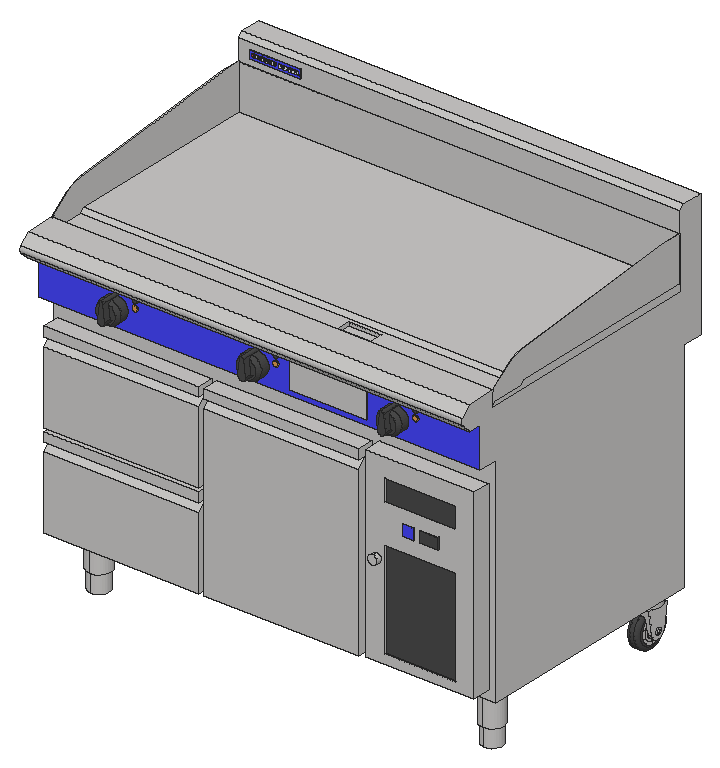
Revit family "QF_MOFFAT_BLUESEAL_CE_EP518-RB", category Specialty Equipment, Revit 2012
Parameters
  Weight in Pounds = 396  # constant formula
  Watts = 18000 W
  Volts = 400 V
  URL Cutsheet = "www.moffat.com"
  URL = "www.moffat.com"
  Type Mark [instance] = ""
  Status [instance] = ""
  Specification by User [instance] = ""
  Specification by Manufacturer = ""
  Show Logo [instance] = yes
  Show Clearance [instance] = yes
  Show Casters [instance] = yes
  Serial Number = ""
  Seismic Rating = ""
  SMACNA No = ""
  Revision Code [instance] = ""
  Refrigerant Type = "R134a"
  Phase = 3
  Omniclass Number and Title = ""
  Number of Poles = 1
  NAFEM Spec ID Number = ""
  Model = "EP518-RB"
  Min Ckt Ampacity = 0 A
  Max Overcurrent Protection = 0 A
  Masterspec = ""
  Manufacturer = "MOFFAT BLUESEAL"
  Legs [instance] = not(Show Casters)  # no
  Item Number [instance] = ""
  Installed By [instance] = ""
  Identify Quantity as Lot [instance] = yes
  HP = ""
  Furnished By [instance] = ""
  Foodservice Equipment Identifier [instance] = yes
  FL Amps = 25 A
  Electrical Remarks [instance] = "25A PER PHASE"
  Elec Conn RI Height = 0.0 mm
  Elec Conn Connection Height = 0.0 mm
  Description = "1200MM ELECTRIC GRIDDLE PLATE ON REFRIGERATED BASE"
  Cycle = 50 Hz
  Conn Plug = ""
  Conn Conduit = yes
  CSI MasterFormat = ""
  CSI Master Format = ""
  Body Height [instance] = 915.0 mm
  Base Height [instance] = 150.0 mm
  Apparent Power = if(Phase = 3, Volts * FL Amps * 1.73, Volts * FL Amps)  # 17300 VA
Reference planes
  plane 1 "BACK": y = 0
  plane 2: z = 0
  plane 3 "LEFT": x = 0
  plane 4 "RIGHT": x = 1200
  plane 5 "FRONT": y = -812
  plane 6 "TOP": z = 970
  plane 7 "Center Y": x = 600
  plane 8 "Center X": y = -406
  plane 9 "Base Height": z = 150
  plane 10: x = 1134
  plane 11: x = 65
  plane 12: z = 915
  plane 13: x = 1181
  plane 14: x = 973
  plane 15: y = -625
  plane 16: y = -100
  plane 17: z = 1085
Forms (mm)
  Extrusion 1, solid, material "QF_Finishes_Stainless Steel"
    sketch origin (0, 0, 0) x (0, 1, 0) y (0, 0, 1)
      loop
        line (0, 740) -> (0, 1085) -> (-57.5, 1085) -> (-70, 1072.5) -> (-70, 875) -> (-705, 875) -> (-705, 915) -> (-783.97, 915) -> (-808.485, 890.485)
        arc (-808.485, 890.485) -> (-811.999, 882) -> (-808.485, 873.515) r 12
        line (-808.485, 873.515) -> (-784.97, 850) -> (-749, 850) -> (-749, 740) -> (-697, 740) -> (-697, 150) -> (-57, 150) -> (-57, 740) -> (0, 740)
    from 0 to 1200
  Extrusion 2, solid, material "QF_Finishes_Stainless Steel"
    sketch origin (705, 3, 100) x (1, 0, 0) y (0, 1, 0)
      loop
        circle (365, -35) r 13.5
    from 555 to 640
  Revolve 3, solid, material "QF_Finishes_Stainless Steel"
    sketch origin (65, -735, 0) x (0, 1, 0) y (0, 0, 1)
      loop
        line (78.25, 150) -> (78.25, 50) -> (82.5, 50) -> (82.5, 0) -> (110, 0) -> (110, 150) -> (78.25, 150)
      axis (110, 150) -> (110, 0)
    angle from 0 to 360
  Revolve 4, solid, material "QF_Finishes_Stainless Steel"
    sketch origin (1134, -735, 0) x (0, 1, 0) y (0, 0, -1)
      loop
        line (78.25, -150) -> (110, -150) -> (110, 0) -> (82.5, 0) -> (82.5, -50) -> (78.25, -50) -> (78.25, -150)
      axis (110, -150) -> (110, 0)
    angle from 0 to 360
  Extrusion 5, solid, material "QF_Finishes_Stainless Steel"
    sketch origin (0, 0, 0) x (0, 1, 0) y (0, 0, 1)
      loop
        line (-754, 678) -> (-754, 653) -> (-709.18, 653) -> (-709.18, 678) -> (-754, 678)
      loop
        line (-754, 421) -> (-754, 396) -> (-709.18, 396) -> (-709.18, 421) -> (-754, 421)
    from 19 to 439
  Extrusion 6, solid, material "QF_Finishes_Stainless Steel"
    sketch origin (0, -697, 222.5) x (0, 0, -1) y (1, 0, 0)
      loop
        line (-455.5, 1181) -> (-455.5, 887) -> (48.5, 887) -> (48.5, 1181) -> (-455.5, 1181)
      loop
        line (23.5, 1131) -> (-241.5, 1131) -> (-241.5, 937) -> (23.5, 937) -> (23.5, 1131)
      loop
        line (-405.5, 1131) -> (-405.5, 937) -> (-345.5, 937) -> (-345.5, 1131) -> (-405.5, 1131)
    from 0 to 48
  Extrusion 7, solid, material "QF_Finishes_Black"
    sketch origin (0, -745, 222.5) x (0, 0, -1) y (1, 0, 0)
      loop
        line (-311.04, 1035.003) -> (-281.04, 1035.003) -> (-281.04, 1083.315) -> (-311.04, 1083.315) -> (-311.04, 1035.003)
    from 0 to 2
  Extrusion 8, solid, material "QF_Finishes_Stainless Steel"
    sketch origin (0, -745, 222.5) x (0, 0, -1) y (1, 0, 0)
      loop
        circle (-202.271, 914.856) r 12.395
    from 0 to 12.7
  Extrusion 9, solid, material "QF_Finishes_Vents"
    sketch origin (0, -697, 222.5) x (0, 0, 1) y (1, 0, 0)
      loop
        line (345.5, 937) -> (405.5, 937) -> (405.5, 1131) -> (345.5, 1131) -> (345.5, 937)
      loop
        line (241.5, 937) -> (241.5, 1131) -> (-23.5, 1131) -> (-23.5, 937) -> (241.5, 937)
    from 0 to -44.529
  Extrusion 10, solid, material "QF_Door-Drawer Clearances", visible <- "Show Clearance", detail levels coarse
    sketch origin (0, -747, 174) x (0, 0, 1) y (-1, 0, 0)
      loop
        line (0, -19) -> (0, -439) -> (247, -439) -> (247, -19) -> (0, -19)
      loop
        line (257, -19) -> (257, -439) -> (504, -439) -> (504, -19) -> (257, -19)
    from 0 to 304.8
  Extrusion 11, solid, material "QF_Finishes_Stainless Steel"
    sketch origin (0, 0, 0) x (0, 1, 0) y (0, 0, 1)
      loop
        line (-709.18, 174) -> (-709.18, 650.613) -> (-731.387, 650.613) -> (-754, 628) -> (-754, 174) -> (-709.18, 174)
    from 453 to 873
  Extrusion 12, solid, material "QF_Door-Drawer Clearances", visible <- "Show Clearance", detail levels coarse
    sketch origin (0, -754, 174) x (1, 0, 0) y (0, -1, 0)
      loop
        line (453, 0) -> (873, 0) -> (873, 420)
        arc (873, 420) -> (576.015, 296.985) -> (453, 0) r 420
    from 0 to -504
  Extrusion 13, solid, material "QF_Finishes_Stainless Steel"
    sketch origin (0, -57, 735) x (0, 0, 1) y (1, 0, 0)
      loop
        circle (-315, 920) r 6.35
    from 0 to 1.6
  Extrusion 14, solid, material "QF_Finishes_Stainless Steel"
    sketch origin (0, 0, 0) x (0, 1, 0) y (0, 0, 1)
      loop
        line (-754, 431) -> (-709.18, 431) -> (-709.18, 650.613) -> (-731.387, 650.613) -> (-754, 628) -> (-754, 431)
      loop
        line (-754, 174) -> (-709.18, 174) -> (-709.18, 393.613) -> (-731.387, 393.613) -> (-754, 371) -> (-754, 174)
    from 19 to 439
  Extrusion 15, solid, material "QF_Finishes_Stainless Steel"
    sketch origin (0, 0, 0) x (0, 1, 0) y (0, 0, 1)
      loop
        line (-709.18, 653) -> (-709.18, 678) -> (-754, 678) -> (-754, 653) -> (-709.18, 653)
    from 453 to 873
  Revolve 16, solid, material "QF_Finishes_Stainless Steel", visible <- "Legs"
    sketch origin (65.5, -166, 0) x (0, 1, 0) y (0, 0, 1)
      loop
        line (34.25, 150) -> (34.25, 50) -> (38.5, 50) -> (38.5, 0) -> (66, 0) -> (66, 150) -> (34.25, 150)
      axis (66, 150) -> (66, 0)
    angle from 0 to 360
  Revolve 17, solid, material "QF_Finishes_Stainless Steel", visible <- "Show Casters"
    sketch origin (16.276, -100.755, -12.8) x (1, 0, 0) y (0, 0, 1)
      loop
        line (14.841, 63.604) -> (83.584, 63.604) -> (83.584, 67.109) -> (82.314, 68.379) -> (80.79, 68.379) -> (80.79, 71.826) -> (68.644, 71.826) -> (68.644, 81.79) -> (65.088, 83.843) -> (63.738, 92.179) -> (65.881, 92.179) -> (65.881, 98.529) -> (65.088, 98.529) -> (65.088, 104.879)
        arc (65.088, 104.879) -> (62.298, 111.614) -> (55.563, 114.404) r 9.525
        line (55.563, 114.404) -> (42.863, 114.404)
        arc (42.863, 114.404) -> (36.127, 111.614) -> (33.338, 104.879) r 9.525
        line (33.338, 104.879) -> (33.338, 98.529) -> (32.544, 98.529) -> (32.544, 92.179) -> (34.687, 92.179) -> (33.352, 83.932) -> (29.782, 81.871) -> (29.782, 71.826) -> (17.635, 71.826) -> (17.635, 68.379) -> (16.111, 68.379) -> (14.841, 67.109) -> (14.841, 63.604)
      axis (14.841, 63.604) -> (83.584, 63.604)
    angle from 0 to 360
  Extrusion 18, solid, material "QF_Finishes_Stainless Steel", visible <- "Show Casters"
    sketch origin (72.001, 132.353, -8.783) x (0, 1, 0) y (0, 0, 1)
      loop
        line (-200.603, 118.783) -> (-264.103, 118.783) -> (-251.746, 53.895)
        arc (-251.746, 53.895) -> (-232.353, 38.783) -> (-212.959, 53.895) r 20
        line (-212.959, 53.895) -> (-200.603, 118.783)
    from -35.667 to 22.923
  Revolve 19, solid, material "QF_Finishes_Stainless Steel", visible <- "Show Casters"
    sketch origin (65.5, -204, 0) x (0, 1, 0) y (0, 0, 1)
      loop
        line (68.25, 150) -> (68.25, 110) -> (104, 110) -> (104, 150) -> (68.25, 150)
      axis (104, 150) -> (104, 110)
    angle from 0 to 360
  Revolve 20, solid, material "QF_Finishes_Stainless Steel", visible <- "Legs"
    sketch origin (65.5, -166, 0) x (0, 1, 0) y (0, 0, 1)
      loop
        line (34.25, 150) -> (34.25, 50) -> (38.5, 50) -> (38.5, 0) -> (66, 0) -> (66, 150) -> (34.25, 150)
      axis (66, 150) -> (66, 0)
    angle from 0 to 360
  Revolve 21, solid, material "QF_Finishes_Stainless Steel", visible <- "Legs"
    sketch origin (1134.5, -166, 0) x (0, 1, 0) y (0, 0, -1)
      loop
        line (34.25, -150) -> (66, -150) -> (66, 0) -> (38.5, 0) -> (38.5, -50) -> (34.25, -50) -> (34.25, -150)
      axis (66, -150) -> (66, 0)
    angle from 0 to 360
  Revolve 22, solid, material "QF_Finishes_Stainless Steel", visible <- "Show Casters"
    sketch origin (1183.724, -100.755, -12.8) x (-1, 0, 0) y (0, 0, -1)
      loop
        line (14.841, -63.604) -> (14.841, -67.109) -> (16.111, -68.379) -> (17.635, -68.379) -> (17.635, -71.826) -> (29.782, -71.826) -> (29.782, -81.871) -> (33.352, -83.932) -> (34.687, -92.179) -> (32.544, -92.179) -> (32.544, -98.529) -> (33.338, -98.529) -> (33.338, -104.879)
        arc (33.338, -104.879) -> (36.127, -111.614) -> (42.863, -114.404) r 9.525
        line (42.863, -114.404) -> (55.563, -114.404)
        arc (55.563, -114.404) -> (62.298, -111.614) -> (65.088, -104.879) r 9.525
        line (65.088, -104.879) -> (65.088, -98.529) -> (65.881, -98.529) -> (65.881, -92.179) -> (63.738, -92.179) -> (65.088, -83.843) -> (68.644, -81.79) -> (68.644, -71.826) -> (80.79, -71.826) -> (80.79, -68.379) -> (82.314, -68.379) -> (83.584, -67.109) -> (83.584, -63.604) -> (14.841, -63.604)
      axis (14.841, -63.604) -> (83.584, -63.604)
    angle from 0 to 360
  Extrusion 23, solid, material "QF_Finishes_Stainless Steel", visible <- "Show Casters"
    sketch origin (1127.999, 132.353, -8.783) x (0, 1, 0) y (0, 0, -1)
      loop
        line (-200.603, -118.783) -> (-212.959, -53.895)
        arc (-212.959, -53.895) -> (-232.353, -38.783) -> (-251.746, -53.895) r 20
        line (-251.746, -53.895) -> (-264.103, -118.783) -> (-200.603, -118.783)
    from -35.667 to 22.923
  Revolve 24, solid, material "QF_Finishes_Stainless Steel", visible <- "Show Casters"
    sketch origin (1134.5, -204, 0) x (0, 1, 0) y (0, 0, -1)
      loop
        line (68.25, -150) -> (104, -150) -> (104, -110) -> (68.25, -110) -> (68.25, -150)
      axis (104, -150) -> (104, -110)
    angle from 0 to 360
  Revolve 25, solid, material "QF_Finishes_Stainless Steel", visible <- "Legs"
    sketch origin (1134.5, -166, 0) x (0, 1, 0) y (0, 0, -1)
      loop
        line (34.25, -150) -> (66, -150) -> (66, 0) -> (38.5, 0) -> (38.5, -50) -> (34.25, -50) -> (34.25, -150)
      axis (66, -150) -> (66, 0)
    angle from 0 to 360
  Revolve 26, solid, material "QF_Finishes_Black"
    sketch origin (217.5, 7, 757.8) x (0, 1, 0) y (0, 0, -1)
      loop
        line (-789, -69.5) -> (-766, -69.5) -> (-766, -42) -> (-756, -42) -> (-756, -37) -> (-800, -37) -> (-800, -63.651) -> (-789, -69.5)
      axis (-800, -37) -> (-756, -37)
    angle from 0 to 360
  Extrusion 27, solid, material "QF_Finishes_Black"
    sketch origin (355.77, 0, 757.958) x (-1, 0, 0) y (0, 0, -1)
      loop
        line (127.85, -26.064) -> (133.27, -68.983)
        arc (133.27, -68.983) -> (138.269, -73.87) -> (143.267, -68.983) r 5
        line (143.267, -68.983) -> (148.756, -24.898)
        arc (148.756, -24.898) -> (137.684, -14.399) -> (127.85, -26.064) r 10.487
    from 759 to 808
  Revolve 28, solid, material "QF_Finishes_Black"
    sketch origin (600, 7, 757.8) x (0, 1, 0) y (0, 0, -1)
      loop
        line (-789, -69.5) -> (-766, -69.5) -> (-766, -42) -> (-756, -42) -> (-756, -37) -> (-800, -37) -> (-800, -63.651) -> (-789, -69.5)
      axis (-800, -37) -> (-756, -37)
    angle from 0 to 360
  Extrusion 29, solid, material "QF_Finishes_Black"
    sketch origin (738.27, 0, 757.958) x (-1, 0, 0) y (0, 0, -1)
      loop
        line (127.85, -26.064) -> (133.27, -68.983)
        arc (133.27, -68.983) -> (138.269, -73.87) -> (143.267, -68.983) r 5
        line (143.267, -68.983) -> (148.756, -24.898)
        arc (148.756, -24.898) -> (137.684, -14.399) -> (127.85, -26.064) r 10.487
    from 759 to 808
  Extrusion 30, solid, material "QF_Finishes_Orange"
    sketch origin (0, -749, 850) x (0, 0, -1) y (1, 0, 0)
      loop
        circle (45.2, 1025.121) r 7.15
      loop
        circle (45.2, 645.005) r 7.15
      loop
        circle (45.2, 262.505) r 7.15
    from 0 to 1
  Revolve 31, solid, material "QF_Finishes_Black"
    sketch origin (980.116, 7, 757.8) x (0, 1, 0) y (0, 0, -1)
      loop
        line (-789, -69.5) -> (-766, -69.5) -> (-766, -42) -> (-756, -42) -> (-756, -37) -> (-800, -37) -> (-800, -63.651) -> (-789, -69.5)
      axis (-800, -37) -> (-756, -37)
    angle from 0 to 360
  Extrusion 32, solid, material "QF_Finishes_Black"
    sketch origin (1118.385, 0, 757.958) x (-1, 0, 0) y (0, 0, -1)
      loop
        line (127.85, -26.064) -> (133.27, -68.983)
        arc (133.27, -68.983) -> (138.269, -73.87) -> (143.267, -68.983) r 5
        line (143.267, -68.983) -> (148.756, -24.898)
        arc (148.756, -24.898) -> (137.684, -14.399) -> (127.85, -26.064) r 10.487
    from 759 to 808
  Extrusion 33, solid, material "QF_Finishes_Black"
    sketch origin (0, -749, 850) x (0, 0, -1) y (1, 0, 0)
      loop
        circle (25.2, 1025.121) r 7.15
      loop
        circle (25.2, 645.005) r 7.15
      loop
        circle (25.2, 262.505) r 7.15
    from 0 to 1
  Extrusion 34, solid, material "QF_Finishes_Stainless Steel"
    sketch origin (0, -749, 850) x (0, 0, -1) y (1, 0, 0)
      loop
        line (9.201, 893) -> (9.201, 683) -> (96.1, 683) -> (96.1, 893) -> (9.201, 893)
    from 0 to 1
  Extrusion 35, solid, material "QF_Finishes_Black"
    sketch origin (0, -750, 850) x (0, 0, -1) y (1, 0, 0)
      loop
        line (9.201, 893) -> (9.201, 683) -> (14.201, 683) -> (14.201, 893) -> (9.201, 893)
    from 0 to 10
  Extrusion 36, solid, material "QF_Finishes_Blue"
    sketch origin (0, -745, 222.5) x (0, 0, -1) y (1, 0, 0)
      loop
        line (-311.04, 987.426) -> (-281.04, 987.426) -> (-281.04, 1017.426) -> (-311.04, 1017.426) -> (-311.04, 987.426)
    from 0 to 2
Lines and regions (mm)
  Split face 1
    outline origin (0, -22, 1085) x (0, 1, 0) y (-1, 0, 0)
      loop
        arc (-23.385, -1164.794) -> (-18.385, -1173.455) -> (-8.385, -1173.455) r 10
        line (-8.385, -1173.455) -> (-1.385, -1169.413)
        arc (-1.385, -1169.413) -> (2.275, -1165.753) -> (3.615, -1160.753) r 10
        line (3.615, -1160.753) -> (3.615, -932.794)
        arc (3.615, -932.794) -> (-1.385, -924.134) -> (-11.385, -924.134) r 10
        line (-11.385, -924.134) -> (-18.385, -928.176)
        arc (-18.385, -928.176) -> (-22.045, -931.836) -> (-23.385, -936.836) r 10
        line (-23.385, -936.836) -> (-23.385, -1164.794)
  Split face 2
    outline origin (0, -22, 1085) x (0, 1, 0) y (-1, 0, 0)
      loop
        arc (-23.385, -864.794) -> (-18.385, -873.455) -> (-8.385, -873.455) r 10
        line (-8.385, -873.455) -> (-1.385, -869.413)
        arc (-1.385, -869.413) -> (2.275, -865.753) -> (3.615, -860.753) r 10
        line (3.615, -860.753) -> (3.615, -632.794)
        arc (3.615, -632.794) -> (-1.385, -624.134) -> (-11.385, -624.134) r 10
        line (-11.385, -624.134) -> (-18.385, -628.176)
        arc (-18.385, -628.176) -> (-22.045, -631.836) -> (-23.385, -636.836) r 10
        line (-23.385, -636.836) -> (-23.385, -864.794)
  Split face 3
    outline origin (0, -22, 1085) x (0, 1, 0) y (-1, 0, 0)
      loop
        arc (-23.385, -564.794) -> (-18.385, -573.455) -> (-8.385, -573.455) r 10
        line (-8.385, -573.455) -> (-1.385, -569.413)
        arc (-1.385, -569.413) -> (2.275, -565.753) -> (3.615, -560.753) r 10
        line (3.615, -560.753) -> (3.615, -332.794)
        arc (3.615, -332.794) -> (-1.385, -324.134) -> (-11.385, -324.134) r 10
        line (-11.385, -324.134) -> (-18.385, -328.176)
        arc (-18.385, -328.176) -> (-22.045, -331.836) -> (-23.385, -336.836) r 10
        line (-23.385, -336.836) -> (-23.385, -564.794)
  Split face 4
    outline origin (0, -22, 1085) x (0, 1, 0) y (-1, 0, 0)
      loop
        arc (-23.385, -264.794) -> (-18.385, -273.455) -> (-8.385, -273.455) r 10
        line (-8.385, -273.455) -> (-1.385, -269.413)
        arc (-1.385, -269.413) -> (2.275, -265.753) -> (3.615, -260.753) r 10
        line (3.615, -260.753) -> (3.615, -32.794)
        arc (3.615, -32.794) -> (-1.385, -24.134) -> (-11.385, -24.134) r 10
        line (-11.385, -24.134) -> (-18.385, -28.176)
        arc (-18.385, -28.176) -> (-22.045, -31.836) -> (-23.385, -36.836) r 10
        line (-23.385, -36.836) -> (-23.385, -264.794)
  symbolic lines, style "QF_Door-Drawer Clearances"
    curve 1: line (19, -812, 150) -> (19, -1058.8, 150)
    curve 2: line (19, -1058.8, 150) -> (439, -1058.8, 150)
    curve 3: line (439, -1058.8, 150) -> (439, -812, 150)
    curve 4: arc (512.99, -970.316, 150) -> (477.409, -895.095, 150) -> (457.356, -814.336, 150) r 420
    curve 5: line (776.472, -812, 150) -> (512.99, -970.316, 150)
  symbolic lines, style "SpecialityEquipmentHiddenLines", visible <- "Show Casters"
    curve 6: line (78.456, -46.735, 0) -> (105.952, -62.61, 0)
    curve 7: line (27.656, -134.723, 0) -> (78.456, -46.735, 0)
    curve 8: line (55.152, -150.598, 0) -> (27.656, -134.723, 0)
    curve 9: line (105.952, -62.61, 0) -> (55.152, -150.598, 0)
    curve 10: line (1125.152, -150.598, 0) -> (1097.656, -134.723, 0)
    curve 11: line (1175.952, -62.61, 0) -> (1125.152, -150.598, 0)
    curve 52: line (1148.456, -46.735, 0) -> (1097.656, -134.723, 0)
    curve 53: line (1175.952, -62.61, 0) -> (1148.456, -46.735, 0)
  symbolic lines
    curve 12: line (32.794, -18.385, 0) -> (260.753, -18.385, 0)
    curve 13: arc (260.753, -18.385, 0) -> (265.753, -19.725, 0) -> (269.413, -23.385, 0) r 10
    curve 14: line (269.413, -23.385, 0) -> (273.455, -30.385, 0)
    curve 15: arc (273.455, -30.385, 0) -> (273.455, -40.385, 0) -> (264.794, -45.385, 0) r 10
    curve 16: line (264.794, -45.385, 0) -> (36.836, -45.385, 0)
    curve 17: arc (36.836, -45.385, 0) -> (31.836, -44.045, 0) -> (28.176, -40.385, 0) r 10
    curve 18: line (28.176, -40.385, 0) -> (24.134, -33.385, 0)
    curve 19: arc (24.134, -33.385, 0) -> (24.134, -23.385, 0) -> (32.794, -18.385, 0) r 10
    curve 20: line (560.753, -18.385, 0) -> (332.794, -18.385, 0)
    curve 21: arc (332.794, -18.385, 0) -> (324.134, -23.385, 0) -> (324.134, -33.385, 0) r 10
    curve 22: line (324.134, -33.385, 0) -> (328.176, -40.385, 0)
    curve 23: arc (328.176, -40.385, 0) -> (331.836, -44.045, 0) -> (336.836, -45.385, 0) r 10
    curve 24: line (336.836, -45.385, 0) -> (564.794, -45.385, 0)
    curve 25: arc (564.794, -45.385, 0) -> (573.455, -40.385, 0) -> (573.455, -30.385, 0) r 10
    curve 26: line (573.455, -30.385, 0) -> (569.413, -23.385, 0)
    curve 27: arc (569.413, -23.385, 0) -> (565.753, -19.725, 0) -> (560.753, -18.385, 0) r 10
    curve 28: line (632.794, -18.385, 0) -> (860.753, -18.385, 0)
    curve 29: arc (860.753, -18.385, 0) -> (865.753, -19.725, 0) -> (869.413, -23.385, 0) r 10
    curve 30: line (869.413, -23.385, 0) -> (873.455, -30.385, 0)
    curve 31: arc (873.455, -30.385, 0) -> (873.455, -40.385, 0) -> (864.794, -45.385, 0) r 10
    curve 32: line (864.794, -45.385, 0) -> (636.836, -45.385, 0)
    curve 33: arc (636.836, -45.385, 0) -> (631.836, -44.045, 0) -> (628.176, -40.385, 0) r 10
    curve 34: line (628.176, -40.385, 0) -> (624.134, -33.385, 0)
    curve 35: arc (624.134, -33.385, 0) -> (624.134, -23.385, 0) -> (632.794, -18.385, 0) r 10
    curve 36: line (1160.753, -18.385, 0) -> (932.794, -18.385, 0)
    curve 37: arc (932.794, -18.385, 0) -> (924.134, -23.385, 0) -> (924.134, -33.385, 0) r 10
    curve 38: line (924.134, -33.385, 0) -> (928.176, -40.385, 0)
    curve 39: arc (928.176, -40.385, 0) -> (931.836, -44.045, 0) -> (936.836, -45.385, 0) r 10
    curve 40: line (936.836, -45.385, 0) -> (1164.794, -45.385, 0)
    curve 41: arc (1164.794, -45.385, 0) -> (1173.455, -40.385, 0) -> (1173.455, -30.385, 0) r 10
    curve 42: line (1173.455, -30.385, 0) -> (1169.413, -23.385, 0)
    curve 43: arc (1169.413, -23.385, 0) -> (1165.753, -19.725, 0) -> (1160.753, -18.385, 0) r 10
    curve 44: line (1200, 0, 0) -> (0, 0, 0)
    curve 45: line (1200, -57, 0) -> (0, -57, 0)
    curve 46: line (0, -70, 0) -> (1200, -70, 0)
    curve 47: line (-1, -705, 0) -> (1199, -705, 0)
    curve 48: line (0, -783.97, 0) -> (1200, -783.97, 0)
    curve 49: line (0, -811.999, 0) -> (1200, -811.999, 0)
    curve 50: line (1200, -811.999, 0) -> (1200, 0, 0)
    curve 51: line (0, 0, 0) -> (0, -811.999, 0)
Dimensions and locks
  equal spacing: plane 3 "LEFT", plane 7 "Center Y", plane 4 "RIGHT"
  plane 3 "LEFT" to plane 4 "RIGHT" = 1200.0 mm
  equal spacing: plane 5 "FRONT", plane 8 "Center X", plane 1 "BACK"
  plane 5 "FRONT" to plane 1 "BACK" = 812.0 mm
  "Base Height": plane 9 "Base Height" to level
  plane 6 "TOP" to level = 970.0 mm
  plane 10 to plane 11 = 1069.0 mm
  level to Extrusion 2 = 655.0 mm
  Extrusion 1 to Extrusion 5 = 19.0 mm
  Extrusion 6 sketch curve to Extrusion 6 sketch curve = 294.0 mm
  plane 15 to plane 16 = 525.0 mm
  plane 17 to plane 2 = 1085.0 mm
  Extrusion 13 sketch curve to plane 4 "RIGHT" = 280.0 mm
  Extrusion 13 sketch curve to plane 2 = 420.0 mm
  Revolve 17 sketch curve to Revolve 17 sketch curve = 50.8 mm
  Revolve 22 sketch curve to Revolve 22 sketch curve = 50.8 mm
  aligned and locked: level to plane 2
Automatic sketch dimensions
  curve 45 to plane 3 "LEFT" = 0.0 mm
  curve 48 to plane 4 "RIGHT" = 0.0 mm
  plane 1 "BACK" to curve 44 = 0.0 mm
  curve 47 to plane 3 "LEFT" = 1.0 mm
  plane 3 "LEFT" to curve 18 = 24.134 mm
  plane 3 "LEFT" to curve 8 = 27.656 mm
  curve 19 to curve 17 = 4.041 mm
  curve 18 to curve 19 = 8.66 mm
  curve 17 to curve 17 = 8.66 mm
  curve 8 to plane 11 = 9.848 mm
  plane 11 to curve 7 = 13.456 mm
  plane 1 "BACK" to curve 12 = 18.385 mm
  curve 6 to curve 12 = 154.801 mm
  curve 13 to curve 15 = 4.041 mm  (x2)
  curve 13 to curve 13 = 8.66 mm
  curve 14 to curve 21 = 50.679 mm
  curve 22 to curve 23 = 4.041 mm
  curve 21 to curve 21 = 8.66 mm
  curve 23 to curve 23 = 8.66 mm
  plane 1 "BACK" to curve 27 = 18.385 mm
  curve 27 to plane 7 "Center Y" = 39.247 mm
  curve 27 to curve 24 = 4.041 mm
  plane 1 "BACK" to curve 26 = 23.385 mm
  curve 27 to curve 26 = 8.66 mm
  curve 26 to curve 25 = 4.041 mm
  plane 7 "Center Y" to curve 35 = 24.134 mm
  curve 35 to curve 34 = 4.041 mm
  curve 34 to curve 28 = 8.66 mm
  curve 33 to curve 32 = 8.66 mm
  plane 1 "BACK" to curve 29 = 18.385 mm
  curve 29 to plane 14 = 112.247 mm
  curve 29 to curve 31 = 4.041 mm
  curve 29 to curve 29 = 8.66 mm
  plane 1 "BACK" to curve 30 = 30.385 mm
  curve 29 to curve 30 = 4.041 mm
  curve 38 to plane 14 = 48.866 mm
  curve 37 to curve 38 = 4.041 mm
  curve 37 to curve 37 = 8.66 mm
  curve 37 to curve 39 = 4.041 mm
  curve 52 to plane 10 = 36.344 mm
  curve 10 to plane 10 = 8.848 mm
  plane 10 to curve 53 = 14.456 mm
  curve 52 to curve 43 = 12.297 mm
  curve 43 to curve 41 = 4.041 mm
  curve 36 to curve 42 = 8.66 mm
  curve 43 to curve 42 = 4.041 mm
  plane 4 "RIGHT" to curve 47 = 1.0 mm
  curve 34 to curve 28 = 15.0 mm
  curve 18 to curve 12 = 15.0 mm
  curve 21 to curve 20 = 15.0 mm
  plane 1 "BACK" to curve 38 = 33.385 mm
  curve 31 to curve 31 = 5.0 mm
  curve 25 to curve 27 = 7.0 mm
  curve 15 to curve 12 = 17.0 mm
  curve 17 to curve 19 = 7.0 mm
  curve 33 to curve 35 = 7.0 mm
  curve 23 to curve 21 = 7.0 mm
  plane 1 "BACK" to curve 41 = 35.385 mm
  curve 39 to curve 37 = 2.0 mm
  curve 39 to curve 37 = 7.0 mm  (x2)
  curve 18 to curve 19 = 7.0 mm
  curve 22 to curve 22 = 7.0 mm
  curve 53 to curve 41 = 1.35 mm
  curve 6 to curve 17 = 1.35 mm
  curve 45 to curve 40 = 11.615 mm
  curve 53 to curve 41 = 17.225 mm
  curve 6 to curve 6 = 15.875 mm
  curve 46 to curve 45 = 13.0 mm
  curve 47 to plane 15 = 80.0 mm
  curve 48 to plane 5 "FRONT" = 28.03 mm
  curve 51 to plane 5 "FRONT" = 0.001 mm
  curve 31 to curve 29 = 7.0 mm
  curve 15 to curve 13 = 7.0 mm
  curve 41 to curve 43 = 7.0 mm
  Extrusion 1 sketch curve to plane 12 = 0.0 mm
  Extrusion 1 sketch curve to plane 9 "Base Height" = 0.0 mm
  Extrusion 1 sketch curve to plane 17 = 0.0 mm
  Extrusion 1 sketch curve to plane 1 "BACK" = 0.0 mm
  plane 16 to Extrusion 1 sketch curve = 43.0 mm
  plane 16 to Extrusion 1 sketch curve = 42.5 mm
  Extrusion 1 sketch curve to Extrusion 1 sketch curve = 12.5 mm
  Extrusion 1 sketch curve to plane 15 = 72.0 mm
  Extrusion 1 sketch curve to plane 15 = 80.0 mm
  Extrusion 1 sketch curve to Extrusion 1 sketch curve = 52.0 mm
  Extrusion 1 sketch curve to plane 5 "FRONT" = 28.03 mm
  Extrusion 1 sketch curve to plane 5 "FRONT" = 27.03 mm
  Extrusion 1 sketch curve to plane 5 "FRONT" = 12.001 mm
  Extrusion 1 sketch curve to plane 5 "FRONT" = 3.515 mm  (x2)
  Extrusion 1 sketch curve to plane 12 = 175.0 mm  (x2)
  Extrusion 1 sketch curve to plane 12 = 65.0 mm
  Extrusion 1 sketch curve to Extrusion 1 sketch curve = 23.515 mm
  Extrusion 1 sketch curve to Extrusion 1 sketch curve = 40.0 mm
  Extrusion 1 sketch curve to Extrusion 1 sketch curve = 8.485 mm
  Extrusion 1 sketch curve to plane 17 = 12.5 mm
  plane 1 "BACK" to Extrusion 2 sketch curve = 32.0 mm
  Extrusion 2 sketch curve to plane 10 = 64.0 mm
  Revolve 3 sketch curve to plane 9 "Base Height" = 0.0 mm
  Revolve 3 sketch curve to level = 0.0 mm
  Revolve 3 sketch curve to plane 15 = 0.0 mm  (x2)
  Revolve 3 sketch curve to plane 15 = 27.5 mm
  Revolve 3 sketch curve to Revolve 3 sketch curve = 31.75 mm
  Revolve 3 sketch curve to Revolve 3 sketch curve = 55.0 mm
  level to Revolve 3 sketch curve = 50.0 mm
  Revolve 3 sketch curve to Revolve 3 sketch curve = 0.0 mm
  Revolve 4 sketch curve to plane 9 "Base Height" = 0.0 mm
  Revolve 4 sketch curve to level = 0.0 mm
  Revolve 4 sketch curve to plane 15 = 0.0 mm  (x2)
  Revolve 4 sketch curve to plane 15 = 27.5 mm
  Revolve 4 sketch curve to plane 15 = 31.75 mm
  level to Revolve 4 sketch curve = 50.0 mm
  Revolve 4 sketch curve to Revolve 4 sketch curve = 0.0 mm
  Revolve 4 sketch curve to Revolve 4 sketch curve = 55.0 mm
  Extrusion 5 sketch curve to plane 5 "FRONT" = 58.0 mm  (x2)
  Extrusion 5 sketch curve to Extrusion 5 sketch curve = 44.82 mm  (x2)
  plane 9 "Base Height" to Extrusion 5 sketch curve = 246.0 mm
  Extrusion 5 sketch curve to Extrusion 5 sketch curve = 25.0 mm  (x2)
  Extrusion 5 sketch curve to Extrusion 5 sketch curve = 232.0 mm
  Extrusion 6 sketch curve to Extrusion 1 = 62.0 mm
  Extrusion 6 sketch curve to Extrusion 6 sketch curve = 50.0 mm  (x3)
  Extrusion 6 sketch curve to Extrusion 6 sketch curve = 60.0 mm
  Extrusion 6 sketch curve to Extrusion 6 sketch curve = 104.0 mm
  Extrusion 1 to Extrusion 6 sketch curve = 49.0 mm
  Extrusion 1 to Extrusion 6 sketch curve = 24.0 mm
  Extrusion 1 to Extrusion 6 sketch curve = 313.0 mm
  Extrusion 6 sketch curve to Extrusion 6 sketch curve = 0.0 mm
  Extrusion 1 to Extrusion 6 sketch curve = 69.0 mm
  Extrusion 7 sketch curve to Extrusion 6 = 34.46 mm
  Extrusion 6 to Extrusion 7 sketch curve = 47.685 mm
  Extrusion 6 to Extrusion 8 sketch curve = 39.229 mm
  Extrusion 8 sketch curve to Extrusion 6 = 22.144 mm
  Extrusion 9 sketch curve to Extrusion 6 = 0.0 mm  (x6)
  Extrusion 6 to Extrusion 9 sketch curve = 0.0 mm  (x2)
  plane 9 "Base Height" to Extrusion 10 sketch curve = 24.0 mm
  Extrusion 10 sketch curve to Extrusion 10 sketch curve = 247.0 mm
  Extrusion 10 sketch curve to Extrusion 10 sketch curve = 10.0 mm
  plane 3 "LEFT" to Extrusion 10 sketch curve = 19.0 mm  (x2)
  Extrusion 10 sketch curve to plane 12 = 237.0 mm
  Extrusion 10 sketch curve to plane 7 "Center Y" = 161.0 mm
  Extrusion 10 sketch curve to Extrusion 10 sketch curve = 0.0 mm
  Extrusion 11 sketch curve to plane 5 "FRONT" = 58.0 mm
  Extrusion 11 sketch curve to Extrusion 11 sketch curve = 22.613 mm  (x2)
  Extrusion 11 sketch curve to Extrusion 11 sketch curve = 22.207 mm
  plane 9 "Base Height" to Extrusion 11 sketch curve = 24.0 mm
  Extrusion 11 sketch curve to plane 12 = 287.0 mm
  Extrusion 12 sketch curve to Extrusion 11 = 0.0 mm  (x3)
  plane 5 "FRONT" to curve 5 = 0.0 mm
  plane 5 "FRONT" to curve 3 = 0.0 mm
  plane 5 "FRONT" to curve 1 = 0.0 mm
  curve 4 to plane 14 = 100.0 mm
  curve 4 to curve 5 = 96.528 mm
  curve 4 to plane 7 "Center Y" = 87.01 mm
  plane 5 "FRONT" to curve 4 = 2.336 mm
  curve 4 to plane 7 "Center Y" = 142.644 mm
  curve 4 to curve 3 = 18.356 mm
  plane 3 "LEFT" to curve 1 = 19.0 mm
  curve 4 to plane 5 "FRONT" = 58.0 mm
  curve 1 to curve 2 = 246.8 mm
  Extrusion 14 sketch curve to plane 5 "FRONT" = 58.0 mm  (x2)
  Extrusion 14 sketch curve to Extrusion 14 sketch curve = 22.613 mm  (x4)
  Extrusion 14 sketch curve to Extrusion 14 sketch curve = 22.207 mm
  Extrusion 14 sketch curve to Extrusion 14 sketch curve = 44.82 mm
  plane 9 "Base Height" to Extrusion 14 sketch curve = 24.0 mm
  Extrusion 14 sketch curve to Extrusion 14 sketch curve = 197.0 mm  (x2)
  Extrusion 14 sketch curve to Extrusion 14 sketch curve = 37.387 mm
  Extrusion 15 sketch curve to plane 5 "FRONT" = 58.0 mm
  Extrusion 15 sketch curve to Extrusion 15 sketch curve = 44.82 mm
  Extrusion 15 sketch curve to plane 12 = 262.0 mm
  Extrusion 15 sketch curve to Extrusion 15 sketch curve = 25.0 mm
  Revolve 16 sketch curve to plane 9 "Base Height" = 0.0 mm
  Revolve 16 sketch curve to level = 0.0 mm
  Revolve 16 sketch curve to plane 16 = 0.0 mm  (x2)
  Revolve 16 sketch curve to plane 16 = 27.5 mm
  Revolve 16 sketch curve to plane 16 = 31.75 mm
  Revolve 16 sketch curve to Revolve 16 sketch curve = 55.0 mm
  level to Revolve 16 sketch curve = 50.0 mm
  Revolve 16 sketch curve to Revolve 16 sketch curve = 0.0 mm
  plane 3 "LEFT" to Revolve 17 sketch curve = 31.118 mm
  Revolve 17 sketch curve to Revolve 17 sketch curve = 1.27 mm  (x4)
  Revolve 17 sketch curve to Revolve 17 sketch curve = 1.524 mm  (x2)
  Revolve 17 sketch curve to Revolve 17 sketch curve = 12.146 mm  (x2)
  Revolve 17 sketch curve to plane 11 = 16.18 mm
  Revolve 17 sketch curve to Revolve 17 sketch curve = 0.794 mm  (x2)
  Revolve 17 sketch curve to Revolve 17 sketch curve = 3.57 mm
  Revolve 17 sketch curve to Revolve 17 sketch curve = 2.143 mm
  Revolve 17 sketch curve to plane 11 = 5.861 mm
  plane 11 to Revolve 17 sketch curve = 5.63 mm
  plane 11 to Revolve 17 sketch curve = 6.839 mm
  plane 11 to Revolve 17 sketch curve = 15.015 mm
  Revolve 17 sketch curve to Revolve 17 sketch curve = 1.349 mm  (x2)
  Revolve 17 sketch curve to Revolve 17 sketch curve = 3.556 mm
  Revolve 17 sketch curve to Revolve 17 sketch curve = 33.32 mm
  level to Revolve 17 sketch curve = 50.804 mm
  Revolve 17 sketch curve to Revolve 17 sketch curve = 0.0 mm
  Revolve 17 sketch curve to Revolve 17 sketch curve = 3.505 mm  (x2)
  Revolve 17 sketch curve to Revolve 17 sketch curve = 3.447 mm  (x2)
  Revolve 17 sketch curve to Revolve 17 sketch curve = 9.964 mm
  Revolve 17 sketch curve to Revolve 17 sketch curve = 10.045 mm
  Revolve 17 sketch curve to Revolve 17 sketch curve = 2.053 mm
  Revolve 17 sketch curve to Revolve 17 sketch curve = 2.061 mm
  Revolve 17 sketch curve to Revolve 17 sketch curve = 8.247 mm
  Revolve 17 sketch curve to Revolve 17 sketch curve = 8.336 mm
  Revolve 17 sketch curve to Revolve 17 sketch curve = 6.35 mm  (x2)
  Extrusion 18 sketch curve to plane 16 = 0.0 mm
  Extrusion 18 sketch curve to plane 16 = 19.393 mm
  Extrusion 18 sketch curve to plane 16 = 31.75 mm
  plane 16 to Extrusion 18 sketch curve = 19.393 mm
  plane 16 to Extrusion 18 sketch curve = 31.75 mm
  level to Extrusion 18 sketch curve = 45.111 mm
  Extrusion 18 sketch curve to Extrusion 18 sketch curve = 4.889 mm
  Extrusion 18 sketch curve to plane 9 "Base Height" = 40.0 mm
  Revolve 19 sketch curve to plane 9 "Base Height" = 0.0 mm
  Revolve 19 sketch curve to plane 16 = 0.0 mm  (x2)
  Revolve 19 sketch curve to plane 16 = 35.75 mm
  Revolve 19 sketch curve to plane 9 "Base Height" = 40.0 mm
  level to Revolve 19 sketch curve = 50.0 mm
  Revolve 19 sketch curve to level = 55.0 mm
  Revolve 20 sketch curve to plane 9 "Base Height" = 0.0 mm
  Revolve 20 sketch curve to level = 0.0 mm
  Revolve 20 sketch curve to plane 16 = 0.0 mm  (x2)
  Revolve 20 sketch curve to Revolve 20 sketch curve = 27.5 mm
  Revolve 20 sketch curve to Revolve 20 sketch curve = 31.75 mm
  Revolve 20 sketch curve to Revolve 20 sketch curve = 55.0 mm
  level to Revolve 20 sketch curve = 50.0 mm
  Revolve 20 sketch curve to Revolve 20 sketch curve = 0.0 mm
  Revolve 21 sketch curve to plane 9 "Base Height" = 0.0 mm
  Revolve 21 sketch curve to level = 0.0 mm
  Revolve 21 sketch curve to plane 16 = 0.0 mm  (x2)
  Revolve 21 sketch curve to plane 16 = 27.5 mm
  Revolve 21 sketch curve to plane 16 = 31.75 mm
  level to Revolve 21 sketch curve = 50.0 mm
  Revolve 21 sketch curve to Revolve 21 sketch curve = 0.0 mm
  Revolve 21 sketch curve to Revolve 21 sketch curve = 55.0 mm
  plane 4 "RIGHT" to Revolve 22 sketch curve = 31.118 mm
  Revolve 22 sketch curve to Revolve 22 sketch curve = 1.27 mm  (x4)
  Revolve 22 sketch curve to Revolve 22 sketch curve = 1.524 mm  (x2)
  Revolve 22 sketch curve to Revolve 22 sketch curve = 12.146 mm  (x2)
  Revolve 22 sketch curve to Revolve 22 sketch curve = 2.762 mm
  Revolve 22 sketch curve to Revolve 22 sketch curve = 0.794 mm  (x2)
  Revolve 22 sketch curve to Revolve 22 sketch curve = 3.57 mm
  Revolve 22 sketch curve to Revolve 22 sketch curve = 2.143 mm
  plane 10 to Revolve 22 sketch curve = 6.861 mm
  Revolve 22 sketch curve to plane 10 = 4.63 mm
  Revolve 22 sketch curve to plane 10 = 5.839 mm
  Revolve 22 sketch curve to plane 10 = 14.015 mm
  Revolve 22 sketch curve to Revolve 22 sketch curve = 1.349 mm  (x2)
  Revolve 22 sketch curve to Revolve 22 sketch curve = 3.556 mm
  Revolve 22 sketch curve to Revolve 22 sketch curve = 33.32 mm
  Revolve 22 sketch curve to plane 9 "Base Height" = 48.396 mm
  Revolve 22 sketch curve to Revolve 22 sketch curve = 6.35 mm  (x4)
  Revolve 22 sketch curve to Revolve 22 sketch curve = 8.247 mm
  Revolve 22 sketch curve to Revolve 22 sketch curve = 8.336 mm
  Revolve 22 sketch curve to Revolve 22 sketch curve = 2.061 mm
  Revolve 22 sketch curve to Revolve 22 sketch curve = 2.053 mm
  Revolve 22 sketch curve to Revolve 22 sketch curve = 10.045 mm
  Revolve 22 sketch curve to Revolve 22 sketch curve = 9.964 mm
  Revolve 22 sketch curve to Revolve 22 sketch curve = 3.447 mm  (x2)
  Revolve 22 sketch curve to Revolve 22 sketch curve = 3.505 mm
  Extrusion 23 sketch curve to plane 16 = 0.0 mm
  Extrusion 23 sketch curve to plane 16 = 19.393 mm
  Extrusion 23 sketch curve to plane 16 = 31.75 mm
  plane 16 to Extrusion 23 sketch curve = 19.393 mm
  plane 16 to Extrusion 23 sketch curve = 31.75 mm
  Extrusion 23 sketch curve to plane 9 "Base Height" = 40.0 mm
  level to Extrusion 23 sketch curve = 50.0 mm
  Extrusion 23 sketch curve to Extrusion 23 sketch curve = 4.889 mm
  Revolve 24 sketch curve to plane 9 "Base Height" = 0.0 mm
  Revolve 24 sketch curve to plane 16 = 0.0 mm  (x2)
  Revolve 24 sketch curve to plane 16 = 35.75 mm
  Revolve 24 sketch curve to plane 9 "Base Height" = 40.0 mm
  level to Revolve 24 sketch curve = 50.0 mm
  Revolve 24 sketch curve to level = 55.0 mm
  Revolve 25 sketch curve to plane 9 "Base Height" = 0.0 mm
  Revolve 25 sketch curve to level = 0.0 mm
  Revolve 25 sketch curve to plane 16 = 0.0 mm  (x2)
  Revolve 25 sketch curve to Revolve 25 sketch curve = 27.5 mm
  Revolve 25 sketch curve to Revolve 25 sketch curve = 31.75 mm
  level to Revolve 25 sketch curve = 50.0 mm
  Revolve 25 sketch curve to Revolve 25 sketch curve = 0.0 mm
  Revolve 25 sketch curve to Revolve 25 sketch curve = 55.0 mm
  Split face 1 sketch curve to Extrusion 1 = 12.115 mm
  Split face 1 sketch curve to Split face 1 sketch curve = 5.0 mm  (x3)
  Split face 1 sketch curve to Split face 1 sketch curve = 10.0 mm  (x2)
  Split face 1 sketch curve to Split face 1 sketch curve = 7.0 mm  (x4)
  Split face 1 sketch curve to Extrusion 1 = 26.545 mm
  Split face 1 sketch curve to Split face 1 sketch curve = 4.041 mm  (x2)
  Split face 1 sketch curve to Split face 1 sketch curve = 223.917 mm
  Split face 2 sketch curve to Extrusion 1 = 12.115 mm
  Split face 2 sketch curve to Split face 2 sketch curve = 5.0 mm  (x3)
  Split face 2 sketch curve to Split face 2 sketch curve = 10.0 mm  (x2)
  Split face 2 sketch curve to Split face 2 sketch curve = 7.0 mm  (x4)
  Split face 2 sketch curve to Extrusion 1 = 326.545 mm
  Split face 2 sketch curve to Split face 2 sketch curve = 4.041 mm  (x2)
  Split face 2 sketch curve to Split face 2 sketch curve = 223.917 mm
  Split face 3 sketch curve to Extrusion 1 = 12.115 mm
  Split face 3 sketch curve to Split face 3 sketch curve = 5.0 mm  (x3)
  Split face 3 sketch curve to Split face 3 sketch curve = 10.0 mm  (x2)
  Split face 3 sketch curve to Split face 3 sketch curve = 7.0 mm  (x4)
  Split face 3 sketch curve to Extrusion 1 = 573.455 mm
  Split face 3 sketch curve to Split face 3 sketch curve = 4.041 mm  (x2)
  Split face 3 sketch curve to Split face 3 sketch curve = 223.917 mm
  Split face 4 sketch curve to Extrusion 1 = 12.115 mm
  Split face 4 sketch curve to Split face 4 sketch curve = 5.0 mm  (x3)
  Split face 4 sketch curve to Split face 4 sketch curve = 10.0 mm  (x2)
  Split face 4 sketch curve to Split face 4 sketch curve = 7.0 mm  (x4)
  Split face 4 sketch curve to Extrusion 1 = 273.455 mm
  Split face 4 sketch curve to Split face 4 sketch curve = 4.041 mm  (x2)
  Split face 4 sketch curve to Extrusion 1 = 36.836 mm
  Revolve 26 sketch curve to plane 5 "FRONT" = 19.0 mm
  Revolve 26 sketch curve to Revolve 26 sketch curve = 0.0 mm  (x2)
  Revolve 26 sketch curve to Revolve 26 sketch curve = 11.0 mm
  Revolve 26 sketch curve to Revolve 26 sketch curve = 12.7 mm
  Revolve 26 sketch curve to Revolve 26 sketch curve = 23.0 mm
  Revolve 26 sketch curve to Revolve 26 sketch curve = 10.0 mm
  Revolve 26 sketch curve to plane 12 = 87.7 mm
  Revolve 26 sketch curve to Revolve 26 sketch curve = 5.849 mm
  Revolve 26 sketch curve to Revolve 26 sketch curve = 27.5 mm
  Revolve 26 sketch curve to Revolve 26 sketch curve = 5.0 mm
  plane 11 to Extrusion 27 sketch curve = 162.92 mm
  Extrusion 27 sketch curve to Extrusion 27 sketch curve = 5.421 mm
  Extrusion 27 sketch curve to Extrusion 27 sketch curve = 10.419 mm
  Extrusion 27 sketch curve to Extrusion 27 sketch curve = 4.999 mm  (x2)
  Extrusion 27 sketch curve to plane 12 = 88.059 mm
  Extrusion 27 sketch curve to Extrusion 27 sketch curve = 10.487 mm
  Extrusion 27 sketch curve to Extrusion 27 sketch curve = 0.113 mm
  Extrusion 27 sketch curve to Extrusion 27 sketch curve = 42.919 mm
  Extrusion 27 sketch curve to Extrusion 27 sketch curve = 1.167 mm
  Revolve 28 sketch curve to plane 5 "FRONT" = 19.0 mm
  Revolve 28 sketch curve to Revolve 28 sketch curve = 0.0 mm  (x2)
  Revolve 28 sketch curve to Revolve 28 sketch curve = 11.0 mm
  Revolve 28 sketch curve to Revolve 28 sketch curve = 12.7 mm
  Revolve 28 sketch curve to Revolve 28 sketch curve = 23.0 mm
  Revolve 28 sketch curve to Revolve 28 sketch curve = 10.0 mm
  Revolve 28 sketch curve to plane 12 = 87.7 mm
  Revolve 28 sketch curve to Revolve 28 sketch curve = 5.849 mm
  Revolve 28 sketch curve to Revolve 28 sketch curve = 27.5 mm
  Revolve 28 sketch curve to Revolve 28 sketch curve = 5.0 mm
  plane 7 "Center Y" to Extrusion 29 sketch curve = 10.42 mm
  plane 7 "Center Y" to Extrusion 29 sketch curve = 4.999 mm
  plane 7 "Center Y" to Extrusion 29 sketch curve = 0.001 mm  (x2)
  Extrusion 29 sketch curve to plane 7 "Center Y" = 4.998 mm
  Extrusion 29 sketch curve to plane 7 "Center Y" = 10.487 mm
  Extrusion 29 sketch curve to plane 12 = 88.059 mm
  Extrusion 29 sketch curve to Extrusion 29 sketch curve = 0.113 mm
  Extrusion 29 sketch curve to Extrusion 29 sketch curve = 42.919 mm
  Extrusion 29 sketch curve to Extrusion 29 sketch curve = 1.167 mm
  plane 7 "Center Y" to Extrusion 30 sketch curve = 45.005 mm
  Extrusion 30 sketch curve to plane 12 = 110.2 mm  (x3)
  plane 14 to Extrusion 30 sketch curve = 52.121 mm
  plane 11 to Extrusion 30 sketch curve = 197.505 mm
  Revolve 31 sketch curve to plane 5 "FRONT" = 19.0 mm
  Revolve 31 sketch curve to Revolve 31 sketch curve = 0.0 mm  (x2)
  Revolve 31 sketch curve to Revolve 31 sketch curve = 11.0 mm
  Revolve 31 sketch curve to Revolve 31 sketch curve = 12.7 mm
  Revolve 31 sketch curve to Revolve 31 sketch curve = 23.0 mm
  Revolve 31 sketch curve to Revolve 31 sketch curve = 10.0 mm
  Revolve 31 sketch curve to plane 12 = 87.7 mm
  Revolve 31 sketch curve to Revolve 31 sketch curve = 5.849 mm
  Revolve 31 sketch curve to Revolve 31 sketch curve = 27.5 mm
  Revolve 31 sketch curve to Revolve 31 sketch curve = 5.0 mm
  plane 14 to Extrusion 32 sketch curve = 17.536 mm
  plane 14 to Extrusion 32 sketch curve = 12.115 mm
  plane 14 to Extrusion 32 sketch curve = 7.117 mm
  Extrusion 32 sketch curve to Extrusion 32 sketch curve = 4.999 mm
  plane 14 to Extrusion 32 sketch curve = 2.118 mm
  Extrusion 32 sketch curve to plane 14 = 3.371 mm
  Extrusion 32 sketch curve to plane 12 = 88.059 mm
  Extrusion 32 sketch curve to Extrusion 32 sketch curve = 0.113 mm
  Extrusion 32 sketch curve to Extrusion 32 sketch curve = 42.919 mm
  Extrusion 32 sketch curve to Extrusion 32 sketch curve = 1.167 mm
  plane 7 "Center Y" to Extrusion 33 sketch curve = 45.005 mm
  Extrusion 33 sketch curve to plane 12 = 90.2 mm  (x3)
  plane 11 to Extrusion 33 sketch curve = 197.505 mm
  plane 14 to Extrusion 33 sketch curve = 52.121 mm
  Extrusion 34 sketch curve to plane 12 = 74.201 mm
  Extrusion 34 sketch curve to Extrusion 34 sketch curve = 86.899 mm
  plane 7 "Center Y" to Extrusion 34 sketch curve = 83.0 mm
  Extrusion 34 sketch curve to plane 14 = 80.0 mm
  Extrusion 35 sketch curve to Extrusion 34 = 0.0 mm  (x2)
  Extrusion 34 to Extrusion 35 sketch curve = 0.0 mm
  Extrusion 35 sketch curve to Extrusion 34 = 5.0 mm
  Extrusion 36 sketch curve to Extrusion 6 = 34.46 mm
  Extrusion 36 sketch curve to Extrusion 36 sketch curve = 30.0 mm  (x2)
  Extrusion 6 to Extrusion 36 sketch curve = 50.426 mm
  Extrusion 7 sketch curve to Extrusion 7 sketch curve = 30.0 mm
  Extrusion 7 sketch curve to Extrusion 7 sketch curve = 48.312 mm
  radius of Extrusion 2 sketch curve = 13.5 mm
  radius of Extrusion 8 sketch curve = 12.395 mm
  radius of Extrusion 13 sketch curve = 6.35 mm
  radius of Extrusion 30 sketch curve = 7.15 mm  (x3)
  radius of Extrusion 33 sketch curve = 7.15 mm  (x3)
Nested families
  nested 1: "WALDORF LOGO_FACE BASE" at (32, -70, 1057.076) x (1, 0, 0) z (0, -1, 0), visible <- "Show Logo", type "WALDORF LOGO_FACE BASE", detail levels medium+fine
    with Show Logo yes
  nested 2: "ELECTRIC GRIDDLE PLATE" at (0, -70, 874.5), type "ELECTRIC GRIDDLE PLATE"
    with Type Mark "", Status "", Specification by User "", Revision Code "", Item Number "", Installed By "", Identify Quantity as Lot yes, Furnished By "", Foodservice Equipment Identifier yes
  nested 3: "ELECTRICAL CONNECTION 2" at (907.445, -57, 407.3), type "ELECTRICAL CONNECTION 2"
    with Type Mark "", Status "", Specification by User "", Revision Code "", Number of Poles 1, Item Number "", Installed By "", Identify Quantity as Lot yes, Furnished By "", Foodservice Equipment Identifier yes, Electrical Remarks "", Electric Connection Type "", Elec Conn RI Height 0.0 mm, Elec Conn Connection Height 0.0 mm
Connectors
  electrical at (920, -55.4, 420)
    settings: on Extrusion 13, index 2, voltage 220 V, apparent load 0 VA, apparent load phase1 0 VA, apparent load phase2 0 VA, apparent load phase3 0 VA, power factor 1, load classification "Other", number of poles 1, system type 30, power factor state 1, is connector primary yes, connector utility no, sub classification motor no, connector description "ELECTRICAL CONNECTION"
  electrical at (1070, -32, 655), driven by "Volts", driven by "Watts"
    settings: on Extrusion 2, index 3, voltage 400 V, apparent load 18000 VA, apparent load phase1 0 VA, apparent load phase2 0 VA, apparent load phase3 0 VA, power factor 1, load classification "Other", number of poles 1, system type 30, power factor state 1, is connector primary no, connector utility no, sub classification motor no, connector description "ELECTRICAL CONNECTION"
Definition of nested family "WALDORF LOGO_FACE BASE"
  Parameters (values of type "WALDORF LOGO_FACE BASE")
    Show Logo [instance] = yes
    Default Elevation = 1219.2 mm
  Reference planes
    plane 1 "Center (Front/Back)": y = 0
    plane 2: z = 0
    plane 3 "Center (Left/Right)": x = 0
  Forms (mm)
    Extrusion 1, solid
      sketch origin (0, 0, 0) x (1, 0, 0) y (0, 1, 0)
        loop
          line (-1219.2, 1219.2) -> (-1219.2, -1219.2) -> (1219.2, -1219.2) -> (1219.2, 1219.2) -> (-1219.2, 1219.2)
      from 0 to -304.8
    Extrusion 2, solid, material "QF_Finishes_Blue", visible <- "Show Logo"
      sketch origin (0, -33.217, 0) x (1, 0, 0) y (0, 1, 0)
        loop
          arc (138, 31.942) -> (137.626, 32.844) -> (136.724, 33.217) r 1.276
          line (136.724, 33.217) -> (1.29, 33.217)
          arc (1.29, 33.217) -> (0.378, 32.839) -> (0, 31.927) r 1.29
          line (0, 31.927) -> (0, 11.507)
          arc (0, 11.507) -> (0.378, 10.595) -> (1.29, 10.217) r 1.29
          line (1.29, 10.217) -> (136.71, 10.217)
          arc (136.71, 10.217) -> (137.622, 10.595) -> (138, 11.507) r 1.29
          line (138, 11.507) -> (138, 31.942)
      from 0 to 1.588
    Extrusion 3, solid, material "QF_Finishes_White", visible <- "Show Logo"
      sketch origin (0, -33.217, 1.588) x (1, 0, 0) y (0, 1, 0)
        loop
          arc (108.946, 25.919) -> (107.613, 25.367) -> (107.061, 24.034) r 1.885
          line (107.061, 24.034) -> (107.061, 17.211) -> (112.704, 17.211) -> (112.704, 19.129) -> (115.546, 19.129) -> (115.546, 17.211) -> (121.584, 17.211) -> (121.584, 24.075)
          arc (121.584, 24.075) -> (121.043, 25.379) -> (119.739, 25.919) r 1.845
          line (119.739, 25.919) -> (108.946, 25.919)
        loop
          line (123.478, 25.919) -> (123.478, 17.163) -> (134.904, 17.163) -> (134.904, 19.129) -> (129.246, 19.129) -> (129.246, 25.919) -> (123.478, 25.919)
        loop
          line (112.704, 21.258) -> (115.546, 21.258) -> (115.546, 22.702)
          arc (115.546, 22.702) -> (115.344, 23.188) -> (114.858, 23.389) r 0.687
          line (114.858, 23.389) -> (113.363, 23.389)
          arc (113.363, 23.389) -> (112.897, 23.196) -> (112.704, 22.73) r 0.658
          line (112.704, 22.73) -> (112.704, 21.258)
        loop
          line (105.071, 25.919) -> (93.771, 25.919) -> (93.771, 17.163) -> (105.071, 17.163) -> (105.071, 19.063) -> (99.535, 19.063) -> (99.535, 20.437) -> (105.071, 20.437) -> (105.071, 22.278) -> (99.535, 22.278) -> (99.535, 23.587) -> (105.071, 23.587) -> (105.071, 25.919)
        loop
          line (91.104, 25.919) -> (79.541, 25.919)
          arc (79.541, 25.919) -> (78.558, 25.513) -> (78.152, 24.53) r 1.389
          line (78.152, 24.53) -> (78.152, 22.08)
          arc (78.152, 22.08) -> (78.558, 21.098) -> (79.541, 20.691) r 1.389
          line (79.541, 20.691) -> (86.346, 20.691) -> (86.346, 18.864) -> (83.266, 18.864) -> (83.266, 19.664) -> (78.152, 19.664) -> (78.152, 18.553)
          arc (78.152, 18.553) -> (78.558, 17.57) -> (79.541, 17.163) r 1.389
          line (79.541, 17.163) -> (91.063, 17.163)
          arc (91.063, 17.163) -> (92.045, 17.57) -> (92.452, 18.553) r 1.389
          line (92.452, 18.553) -> (92.452, 20.691)
          arc (92.452, 20.691) -> (92.045, 21.673) -> (91.063, 22.08) r 1.389
          line (91.063, 22.08) -> (83.266, 22.08) -> (83.266, 23.984) -> (86.346, 23.984) -> (86.346, 22.743) -> (92.452, 22.743) -> (92.452, 24.571)
          arc (92.452, 24.571) -> (92.057, 25.524) -> (91.104, 25.919) r 1.348
        loop
          line (70.705, 25.919) -> (59.405, 25.919) -> (59.405, 17.163) -> (70.705, 17.163) -> (70.705, 19.063) -> (65.169, 19.063) -> (65.169, 20.437) -> (70.705, 20.437) -> (70.705, 22.278) -> (65.169, 22.278) -> (65.169, 23.587) -> (70.705, 23.587) -> (70.705, 25.919)
        loop
          line (57.598, 25.919) -> (51.7, 25.919) -> (51.7, 20.18)
          arc (51.7, 20.18) -> (50.63, 19.11) -> (49.56, 20.18) r 1.07
          line (49.56, 20.18) -> (49.56, 25.919) -> (43.663, 25.919) -> (43.663, 19.049)
          arc (43.663, 19.049) -> (44.215, 17.716) -> (45.548, 17.163) r 1.885
          line (45.548, 17.163) -> (55.71, 17.163)
          arc (55.71, 17.163) -> (57.045, 17.716) -> (57.598, 19.051) r 1.887
          line (57.598, 19.051) -> (57.598, 25.919)
        loop
          line (31.62, 25.919) -> (31.62, 17.163) -> (43.046, 17.163) -> (43.046, 19.129) -> (37.388, 19.129) -> (37.388, 25.919) -> (31.62, 25.919)
        loop
          line (15.969, 25.919) -> (15.969, 17.163) -> (28.693, 17.163)
          arc (28.693, 17.163) -> (29.812, 17.627) -> (30.276, 18.746) r 1.582
          line (30.276, 18.746) -> (30.276, 20.447) -> (29.48, 21.243) -> (30.276, 22.039) -> (30.276, 24.332)
          arc (30.276, 24.332) -> (29.811, 25.454) -> (28.688, 25.919) r 1.587
          line (28.688, 25.919) -> (15.969, 25.919)
        loop
          line (21.449, 24.159) -> (21.449, 22.436) -> (23.862, 22.436)
          arc (23.862, 22.436) -> (24.723, 23.298) -> (23.862, 24.159) r 0.861
          line (23.862, 24.159) -> (21.449, 24.159)
        loop
          line (21.449, 20.244) -> (21.449, 18.522) -> (23.862, 18.522)
          arc (23.862, 18.522) -> (24.723, 19.383) -> (23.862, 20.244) r 0.861
          line (23.862, 20.244) -> (21.449, 20.244)
      from 0 to 0.2
    Extrusion 4, solid, material "QF_Finishes_Blue", visible <- "Show Logo"
      sketch origin (-126.498, -31.09, 1.588) x (1, 0, 0) y (0, 1, 0)
        loop
          line (136.738, 23.522) -> (136.738, 15.1)
          arc (136.738, 15.1) -> (140.756, 19.311) -> (136.738, 23.522) r 4.216
      from 0 to 0.2
    Extrusion 5, solid, material "QF_Finishes_Red", visible <- "Show Logo"
      sketch origin (146.849, -31.09, 1.588) x (-1, 0, 0) y (0, -1, 0)
        loop
          arc (136.738, -23.522) -> (140.756, -19.311) -> (136.738, -15.1) r 4.216
          line (136.738, -15.1) -> (136.738, -23.522)
      from 0 to 0.2
  Lines and regions (mm)
    Split face 1
      outline origin (-90.35, -30.793, 1.588) x (1, 0, 0) y (0, 1, 0)
        loop
          circle (100.54, 19.013) r 4.536
  Dimensions and locks
    aligned and locked: plane 2 to Extrusion 1
    aligned and locked: level to Extrusion 1
Definition of nested family "ELECTRIC GRIDDLE PLATE"
  Parameters (values of type "ELECTRIC GRIDDLE PLATE")
    Weight in Pounds = 0
    URL Cutsheet = ""
    Type Mark [instance] = ""
    Status [instance] = ""
    Specification by User [instance] = ""
    Specification by Manufacturer = ""
    Serial Number = ""
    Seismic Rating = ""
    SMACNA No = ""
    Revision Code [instance] = ""
    Omniclass Number and Title = ""
    NAFEM Spec ID Number = ""
    Masterspec = ""
    Item Number [instance] = ""
    Installed By [instance] = ""
    Identify Quantity as Lot [instance] = yes
    Furnished By [instance] = ""
    Foodservice Equipment Identifier [instance] = yes
    CSI MasterFormat = ""
    CSI Master Format = ""
  Reference planes
    plane 1 "BACK": y = 0
    plane 2: z = 0
    plane 3 "LEFT": x = 0
    plane 4 "RIGHT": x = 1200
    plane 5 "FRONT": y = -635
    plane 6 "TOP": z = 142.5
    plane 7 "Center Y": x = 600
    plane 8 "Center X": y = -317.5
  Forms (mm)
    Extrusion 1, solid, material "QF_Finishes_Stainless Steel"
      sketch origin (0, 70.003, -874.5) x (0, 1, 0) y (0, 0, 1)
        loop
          line (-70, 875) -> (-70, 1017) -> (-127.048, 1017) -> (-605.133, 971.023)
          arc (-605.133, 971.023) -> (-630.16, 965.303) -> (-652.906, 953.399) r 100
          line (-652.906, 953.399) -> (-705.003, 916.5) -> (-705.003, 875) -> (-70, 875)
      from 0 to 1.8
    Extrusion 2, solid, material "QF_Finishes_Stainless Steel"
      sketch origin (1200, 0, 0) x (0, -1, 0) y (0, 0, 1)
        loop
          line (57.045, 142.5) -> (-0.003, 142.5) -> (-0.003, 0.5) -> (635, 0.5) -> (635, 42) -> (582.903, 78.899)
          arc (582.903, 78.899) -> (560.157, 90.803) -> (535.13, 96.523) r 100
          line (535.13, 96.523) -> (57.045, 142.5)
      from 0 to 1.8
    Extrusion 3, solid, material "QF_Finishes_Stainless Steel"
      sketch origin (150, 70.003, -874.5) x (0, 1, 0) y (0, 0, 1)
        loop
          line (-70, 895) -> (-601, 895) -> (-611.5, 884.5) -> (-704.403, 884.5) -> (-704.403, 875) -> (-70, 875) -> (-70, 895)
      from -148.2 to 1050
    Extrusion 4, void
      sketch origin (150, -541.497, 10) x (0, -1, 0) y (1, 0, 0)
        loop
          line (10.6, 681.25) -> (10.6, 592.75) -> (49.1, 592.75) -> (49.1, 681.25) -> (10.6, 681.25)
      from -41.4 to 40.142
    Extrusion 5, solid, material "QF_Finishes_Stainless Steel"
      sketch origin (150, 0.003, 211.574) x (0, 0, -1) y (1, 0, 0)
        loop
          line (69.074, -148.2) -> (191.074, -148.2) -> (191.074, 1050) -> (69.074, 1050) -> (69.074, -148.2)
      from 0 to 1.683
  Cuts and joins
    Extrusion 4 cuts Extrusion 3
  Lines and regions (mm)
    symbolic lines
      curve 1: line (1200, -530.997, 0) -> (0, -530.997, 0)
      curve 2: line (0, -541.497, 0) -> (1200, -541.497, 0)
      curve 3: line (742.75, -552.097, 0) -> (742.75, -590.597, 0)
      curve 4: line (742.75, -590.597, 0) -> (831.25, -590.597, 0)
      curve 5: line (831.25, -590.597, 0) -> (831.25, -552.097, 0)
      curve 6: line (831.25, -552.097, 0) -> (742.75, -552.097, 0)
      curve 7: line (0, 0, 0) -> (1200, 0, 0)
      curve 8: line (0, -635, 0) -> (0, 0, 0)
      curve 9: line (0, -635, 0) -> (1200, -635, 0)
      curve 10: line (1200, -635, 0) -> (1200, 0, 0)
  Dimensions and locks
    equal spacing: plane 3 "LEFT", plane 7 "Center Y", plane 4 "RIGHT"
